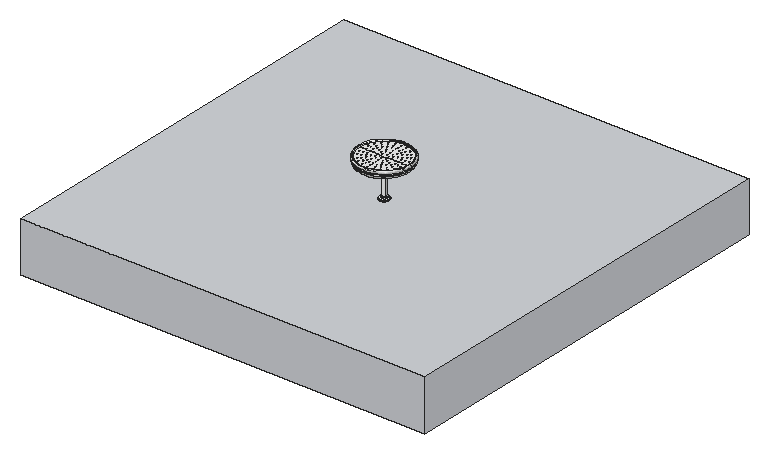
Revit family
Parameters (values of type "Metal-CP-Polished_Chrome")
  Width [instance] = 1' - 0 7/16"
  URL = "http://www.us.kohler.com"
  Showerhead Supply Pipe Radius = 0' 0 1/2"  # 1/2"
  Showerhead Supply Pipe Diameter = Showerhead Supply Pipe Radius * 2  # 1"
  Showerhead Supply = "Showerhead Supply"  # constant formula
  Product Page URL = "http://www.us.kohler.com/onlinecatalog/detail.jsp?prod_num=13694"
  Product Documentation Link = "http://www.us.kohler.com/onlinecatalog/pdf/1142015_4.pdf"
  Model = "K-13694"  # constant formula
  Manufacturer = "Kohler"  # constant formula
  Length [instance] = 0' - 9.21893"
  Height [instance] = 1' - 0 7/16"
  Finish = Metal-Kohler-CP-Polished Chrome
  Description = "12in Traditional round rainhead with Katalyst spray technology"  # constant formula
  Default Elevation = 0' - 0"
  Created By = "http://medialab3dstudio.com"
  Assembly Code = "C1030200"
Reference planes (in)
  plane 1 "Center (Front/Back)": y = 0
  plane 2 "Back": z = 0
  plane 3 "Center (Left/Right)": x = 0
  plane 4 "Left": x = -6.21875
  plane 5 "Right": x = 6.21875
  plane 6 "Top": y = 6.21875
  plane 7 "Bottom": y = -6.21875
  plane 8 "Front": z = 9.21893
  plane 9 "Center(Top/Bottom)": z = 4.60947
Forms (in)
  Extrusion 1, solid
    sketch origin (0, 0, 0) x (1, 0, 0) y (0, 1, 0)
      loop
        line (-48, 48) -> (-48, -48) -> (48, -48) -> (48, 48) -> (-48, 48)
    from 0 to -12
  Extrusion 2, solid, material "Metal-Kohler-CP-Polished Chrome" <- "Finish", not visible
    sketch origin (0, 0, 0) x (1, 0, 0) y (0, 1, 0)
      loop
        circle (0, 0) r 0.5
    from 0 to 0.13239
Dimensions and locks (in)
  equal spacing: plane 4 "Left", plane 3 "Center (Left/Right)", plane 5 "Right", locked at 6.21875 each
  "Width": plane 4 "Left" to plane 5 "Right"
  equal spacing: plane 6 "Top", plane 1 "Center (Front/Back)", plane 7 "Bottom", locked at 6.21875 each
  "Height": plane 6 "Top" to plane 7 "Bottom"
  "Length": plane 8 "Front" to plane 2 "Back"
  equal spacing: plane 8 "Front", plane 9 "Center(Top/Bottom)", plane 2 "Back"
  "Showerhead Supply Pipe Radius": radius of Extrusion 2 sketch curve
  aligned and locked: plane 2 "Back" to Extrusion 1
  aligned and locked: level to Extrusion 1
Automatic sketch dimensions
  Extrusion 1 sketch curve to Extrusion 1 sketch curve = 8' - 0"  (x2)
  plane 1 "Center (Front/Back)" to Extrusion 2 sketch curve = 0' - 0"
  Extrusion 2 sketch curve to plane 3 "Center (Left/Right)" = 0' - 0"
Nested families (in)
  nested 1: "13694-base" at (0, 0, 0), type "13694-base"
Connectors (in)
  piping at (0, 0, 0), driven by "Showerhead Supply Pipe Radius", driven by "Showerhead Supply"
    settings: on Extrusion 2, index 1, connector radius 1/2", flow factor 0, pipe flow 2.5 GPM, pressure drop 0.00 psi, fitting loss kfactor 0, connector angle 0.00°, fixture units 0, flow configuration 0, flow direction 1, fitting loss method 0, system type 7, connector reference index -1, connector utility 0, adjustable connector yes, is connector primary yes, fitting loss table "", connector description "Showerhead Supply"
Definition of nested family "13694-base"
  Parameters (values of type "13694-base")
    w = 1' - 0 7/16"
    l = 1' - 0 7/16"
    d = 15.00°
    Finish = Metal-Kohler-CP-Polished Chrome
    Assembly Code = ""
  Reference planes (in)
    plane 1 "Center (Front/Back)": y = 0
    plane 2 "Top": z = 0
    plane 3 "Center (Left/Right)": x = 0
    plane 4 "Back": y = 6.21875
    plane 5 "Bottom": z = 9.21893
    plane 6 "Front": y = -6.21875
    plane 7 "Left": x = -6.21875
    plane 8 "Right": x = 6.21875
    plane 9 "Center (Top/Bottom)": z = 4.60947
  Forms (in)
    Revolve 1, solid, material "Metal-Kohler-CP-Polished Chrome" <- "Finish", detail levels fine
      sketch origin (0, 0, 0) x (1, 0, 0) y (0, 0, 1)
        loop
          line (0, 0) -> (0, 8.98595) -> (-5.85058, 8.98595) -> (-5.88473, 9.17853)
          arc (-5.88473, 9.17853) -> (-5.912, 9.20803) -> (-5.95066, 9.21893) r 0.074
          line (-5.95066, 9.21893) -> (-6.02892, 9.21893)
          arc (-6.02892, 9.21893) -> (-6.21528, 8.98286) -> (-6.10859, 8.70165) r 0.30508
          line (-6.10859, 8.70165) -> (-6.11067, 8.38226) -> (-6.13129, 8.35798) -> (-6.12321, 8.17266) -> (-6.08485, 8.15638) -> (-6.05154, 8.15638) -> (-6.0425, 8.02528)
          arc (-6.0425, 8.02528) -> (-5.97739, 7.83063) -> (-5.83066, 7.68711) r 0.43745
          line (-5.83066, 7.68711) -> (-1.16718, 6.99244) -> (-0.911, 6.84126) -> (-0.85695, 6.84126) -> (-0.85695, 6.71126) -> (-0.4342, 6.71126)
          arc (-0.4342, 6.71126) -> (-0.3884, 6.64798) -> (-0.33168, 6.59427) r 0.42051
          arc (-0.33168, 6.59427) -> (-0.31105, 6.53447) -> (-0.34737, 6.48267) r 0.06959
          arc (-0.34737, 6.48267) -> (-0.40752, 6.44788) -> (-0.45457, 6.39676) r 0.23054
          line (-0.45457, 6.39676) -> (-0.45457, 6.27111) -> (-0.47404, 5.66968) -> (-0.49391, 5.64514) -> (-0.49452, 5.5478) -> (-0.48212, 5.51857) -> (-0.40625, 5.51857) -> (-0.40625, 0.68857) -> (-0.55463, 0.68857)
          arc (-0.55463, 0.68857) -> (-0.59423, 0.66979) -> (-0.61033, 0.62902) r 0.05969
          line (-0.61033, 0.62902) -> (-0.61033, 0.37506)
          arc (-0.61033, 0.37506) -> (-0.62521, 0.3209) -> (-0.67086, 0.28818) r 0.08414
          line (-0.67086, 0.28818) -> (-1.09221, 0.16628)
          arc (-1.09221, 0.16628) -> (-1.11018, 0.15258) -> (-1.11901, 0.13178) r 0.04413
          line (-1.11901, 0.13178) -> (-1.11901, 0.03783)
          arc (-1.11901, 0.03783) -> (-1.10635, 0.01266) -> (-1.08117, 0) r 0.04486
          line (-1.08117, 0) -> (0, 0)
        axis (0, 9.21893) -> (0, 0)
      angle from 0 to 360
    Extrusion 2, void
      sketch origin (0, 0, 9.21893) x (-1, 0, 0) y (0, -1, 0)
        loop
          circle (0, 0) r 0.5
      from -9.21893 to -9.05265
    Extrusion 3, solid, material "Metal-Kohler-CP-Polished Chrome" <- "Finish", detail levels coarse+medium
      sketch origin (0, 0, 0) x (1, 0, 0) y (0, 1, 0)
        loop
          line (-6.21875, 6.21875) -> (-6.21875, -6.21875) -> (6.21875, -6.21875) -> (6.21875, 6.21875) -> (-6.21875, 6.21875)
      from 0 to 9.21893
    Extrusion 4, void
      sketch origin (0, 0, 0) x (1, 0, 0) y (0, 1, 0)
        loop
          circle (0, -5.10214) r 0.07172
        loop
          circle (0, -4.25171) r 0.07172
        loop
          circle (0, -3.40134) r 0.07172
        loop
          circle (0, -2.55096) r 0.07172
        loop
          circle (0, -1.70035) r 0.07172
        loop
          circle (0, -0.84984) r 0.07172
        loop
          circle (0, 5.10214) r 0.07172
        loop
          circle (0, 4.25171) r 0.07172
        loop
          circle (0, 3.40134) r 0.07172
        loop
          circle (0, 2.55096) r 0.07172
        loop
          circle (0, 1.70035) r 0.07172
        loop
          circle (0, 0.84984) r 0.07172
        loop
          circle (-5.10214, 0) r 0.07172
        loop
          circle (-4.25171, 0) r 0.07172
        loop
          circle (-3.40134, 0) r 0.07172
        loop
          circle (-2.55096, 0) r 0.07172
        loop
          circle (-1.70035, 0) r 0.07172
        loop
          circle (5.10214, 0) r 0.07172
        loop
          circle (4.25171, 0) r 0.07172
        loop
          circle (3.40134, 0) r 0.07172
        loop
          circle (2.55096, 0) r 0.07172
        loop
          circle (1.70035, 0) r 0.07172
        loop
          circle (4.41531, 2.55672) r 0.07172
        loop
          circle (3.67937, 2.13056) r 0.07172
        loop
          circle (2.94347, 1.70443) r 0.07172
        loop
          circle (2.20756, 1.27831) r 0.07172
        loop
          circle (1.47146, 0.85206) r 0.07172
        loop
          circle (0.73544, 0.42586) r 0.07172
        loop
          circle (4.41531, -2.55672) r 0.07172
        loop
          circle (3.67937, -2.13056) r 0.07172
        loop
          circle (2.94347, -1.70443) r 0.07172
        loop
          circle (2.20756, -1.27831) r 0.07172
        loop
          circle (1.47146, -0.85206) r 0.07172
        loop
          circle (0.73544, -0.42586) r 0.07172
        loop
          circle (-4.41531, -2.55672) r 0.07172
        loop
          circle (-3.67937, -2.13056) r 0.07172
        loop
          circle (-2.94347, -1.70443) r 0.07172
        loop
          circle (-2.20756, -1.27831) r 0.07172
        loop
          circle (-1.47146, -0.85206) r 0.07172
        loop
          circle (-0.73544, -0.42586) r 0.07172
        loop
          circle (-4.41531, 2.55672) r 0.07172
        loop
          circle (-3.67937, 2.13056) r 0.07172
        loop
          circle (-2.94347, 1.70443) r 0.07172
        loop
          circle (-2.20756, 1.27831) r 0.07172
        loop
          circle (-1.47146, 0.85206) r 0.07172
        loop
          circle (-0.73544, 0.42586) r 0.07172
        loop
          circle (2.54257, 4.42348) r 0.07172
        loop
          circle (2.11877, 3.68617) r 0.07172
        loop
          circle (1.695, 2.94891) r 0.07172
        loop
          circle (1.27123, 2.21164) r 0.07172
        loop
          circle (0.84734, 1.47418) r 0.07172
        loop
          circle (2.54257, -4.42348) r 0.07172
        loop
          circle (2.11877, -3.68617) r 0.07172
        loop
          circle (1.695, -2.94891) r 0.07172
        loop
          circle (1.27123, -2.21164) r 0.07172
        loop
          circle (0.84734, -1.47418) r 0.07172
        loop
          circle (-2.54257, -4.42348) r 0.07172
        loop
          circle (-2.11877, -3.68617) r 0.07172
        loop
          circle (-1.695, -2.94891) r 0.07172
        loop
          circle (-1.27123, -2.21164) r 0.07172
        loop
          circle (-0.84734, -1.47418) r 0.07172
        loop
          circle (-2.54257, 4.42348) r 0.07172
        loop
          circle (-2.11877, 3.68617) r 0.07172
        loop
          circle (-1.695, 2.94891) r 0.07172
        loop
          circle (-1.27123, 2.21164) r 0.07172
        loop
          circle (-0.84734, 1.47418) r 0.07172
        loop
          circle (1.30931, 4.93128) r 0.07172
        loop
          circle (1.09107, 4.10933) r 0.07172
        loop
          circle (0.87285, 3.28743) r 0.07172
        loop
          circle (-1.30931, 4.93128) r 0.07172
        loop
          circle (-1.09107, 4.10933) r 0.07172
        loop
          circle (-0.87285, 3.28743) r 0.07172
        loop
          circle (-1.30931, -4.93128) r 0.07172
        loop
          circle (-1.09107, -4.10933) r 0.07172
        loop
          circle (-0.87285, -3.28743) r 0.07172
        loop
          circle (1.30931, -4.93128) r 0.07172
        loop
          circle (1.09107, -4.10933) r 0.07172
        loop
          circle (0.87285, -3.28743) r 0.07172
        loop
          circle (-3.59956, -3.61593) r 0.07172
        loop
          circle (-2.99958, -3.01323) r 0.07172
        loop
          circle (-2.39964, -2.41056) r 0.07172
        loop
          circle (-3.59956, 3.61593) r 0.07172
        loop
          circle (-2.99958, 3.01323) r 0.07172
        loop
          circle (-2.39964, 2.41056) r 0.07172
        loop
          circle (3.59956, 3.61593) r 0.07172
        loop
          circle (2.99958, 3.01323) r 0.07172
        loop
          circle (2.39964, 2.41056) r 0.07172
        loop
          circle (3.59956, -3.61593) r 0.07172
        loop
          circle (2.99958, -3.01323) r 0.07172
        loop
          circle (2.39964, -2.41056) r 0.07172
        loop
          circle (-4.92827, -1.32057) r 0.07172
        loop
          circle (-4.10683, -1.10046) r 0.07172
        loop
          circle (-3.28543, -0.88036) r 0.07172
        loop
          circle (-4.92827, 1.32057) r 0.07172
        loop
          circle (-4.10683, 1.10046) r 0.07172
        loop
          circle (-3.28543, 0.88036) r 0.07172
        loop
          circle (4.92827, 1.32057) r 0.07172
        loop
          circle (4.10683, 1.10046) r 0.07172
        loop
          circle (3.28543, 0.88036) r 0.07172
        loop
          circle (4.92827, -1.32057) r 0.07172
        loop
          circle (4.10683, -1.10046) r 0.07172
        loop
          circle (3.28543, -0.88036) r 0.07172
      from 8.70165 to 9.21893
  Cuts and joins
    Extrusion 2, Extrusion 4 cuts Revolve 1
  Lines and regions (in)
    Masking region 1, detail levels coarse
      outline origin (0, 0, 0) x (1, 0, 0) y (0, 1, 0)
        loop
          line (-6.21875, 6.21875) -> (-6.21875, -6.21875) -> (6.21875, -6.21875) -> (6.21875, 6.21875) -> (-6.21875, 6.21875)
    Masking region 2, detail levels medium+fine
      outline origin (0, 0, 0) x (1, 0, 0) y (0, 0, 1)
        loop
          line (0, 0) -> (1.08117, 0)
          arc (1.08117, 0) -> (1.10793, 0.01108) -> (1.11901, 0.03783) r 0.03783
          line (1.11901, 0.03783) -> (1.11901, 0.13289)
          arc (1.11901, 0.13289) -> (1.11148, 0.15429) -> (1.09221, 0.16628) r 0.0342
          line (1.09221, 0.16628) -> (0.67096, 0.28819)
          arc (0.67096, 0.28819) -> (0.62528, 0.3209) -> (0.61033, 0.37506) r 0.08426
          line (0.61033, 0.37506) -> (0.61033, 0.62854)
          arc (0.61033, 0.62854) -> (0.59426, 0.66949) -> (0.55463, 0.68857) r 0.06019
          line (0.55463, 0.68857) -> (0.40625, 0.68857) -> (0.40625, 5.51857) -> (0.48212, 5.51857) -> (0.49452, 5.5478) -> (0.49391, 5.64514) -> (0.47404, 5.66968) -> (0.45457, 6.27111) -> (0.45457, 6.39676)
          arc (0.45457, 6.39676) -> (0.40711, 6.44738) -> (0.34737, 6.48267) r 0.24513
          arc (0.34737, 6.48267) -> (0.31106, 6.53447) -> (0.33168, 6.59427) r 0.0696
          arc (0.33168, 6.59427) -> (0.38863, 6.64778) -> (0.4342, 6.71126) r 0.40385
          line (0.4342, 6.71126) -> (0.85695, 6.71126) -> (0.85695, 6.84126) -> (0.911, 6.84126) -> (1.16718, 6.99244) -> (5.83066, 7.68711)
          arc (5.83066, 7.68711) -> (5.97697, 7.83089) -> (6.0425, 8.02528) r 0.44144
          line (6.0425, 8.02528) -> (6.05154, 8.15638) -> (6.08485, 8.15638) -> (6.12321, 8.17266) -> (6.13129, 8.35798) -> (6.11067, 8.38226) -> (6.10859, 8.70165)
          arc (6.10859, 8.70165) -> (6.21648, 8.98304) -> (6.02892, 9.21893) r 0.30382
          line (6.02892, 9.21893) -> (0, 9.21893) -> (-6.02892, 9.21893)
          arc (-6.02892, 9.21893) -> (-6.21648, 8.98304) -> (-6.10859, 8.70165) r 0.30382
          line (-6.10859, 8.70165) -> (-6.11067, 8.38226) -> (-6.13129, 8.35798) -> (-6.12321, 8.17266) -> (-6.08485, 8.15638) -> (-6.05154, 8.15638) -> (-6.0425, 8.02528)
          arc (-6.0425, 8.02528) -> (-5.97697, 7.83089) -> (-5.83066, 7.68711) r 0.44144
          line (-5.83066, 7.68711) -> (-1.16718, 6.99244) -> (-0.911, 6.84126) -> (-0.85695, 6.84126) -> (-0.85695, 6.71126) -> (-0.4342, 6.71126)
          arc (-0.4342, 6.71126) -> (-0.38863, 6.64778) -> (-0.33168, 6.59427) r 0.40385
          arc (-0.33168, 6.59427) -> (-0.31106, 6.53447) -> (-0.34737, 6.48267) r 0.0696
          arc (-0.34737, 6.48267) -> (-0.40711, 6.44738) -> (-0.45457, 6.39676) r 0.24513
          line (-0.45457, 6.39676) -> (-0.45457, 6.27111) -> (-0.47404, 5.66968) -> (-0.49391, 5.64514) -> (-0.49452, 5.5478) -> (-0.48212, 5.51857) -> (-0.40625, 5.51857) -> (-0.40625, 0.68857) -> (-0.55463, 0.68857)
          arc (-0.55463, 0.68857) -> (-0.59426, 0.66949) -> (-0.61033, 0.62854) r 0.06019
          line (-0.61033, 0.62854) -> (-0.61033, 0.37506)
          arc (-0.61033, 0.37506) -> (-0.62528, 0.3209) -> (-0.67096, 0.28819) r 0.08426
          line (-0.67096, 0.28819) -> (-1.09221, 0.16628)
          arc (-1.09221, 0.16628) -> (-1.11148, 0.15429) -> (-1.11901, 0.13289) r 0.0342
          line (-1.11901, 0.13289) -> (-1.11901, 0.03783)
          arc (-1.11901, 0.03783) -> (-1.10793, 0.01108) -> (-1.08117, 0) r 0.03783
          line (-1.08117, 0) -> (0, 0)
    Masking region 3, detail levels medium+fine
      outline origin (0, 0, 0) x (0, 1, 0) y (0, 0, 1)
        loop
          line (0, 0) -> (1.08131, 0)
          arc (1.08131, 0) -> (1.10781, 0.01097) -> (1.11878, 0.03747) r 0.03747
          line (1.11878, 0.03747) -> (1.11878, 0.13251)
          arc (1.11878, 0.13251) -> (1.11141, 0.15391) -> (1.09244, 0.16623) r 0.03475
          line (1.09244, 0.16623) -> (0.67064, 0.28817)
          arc (0.67064, 0.28817) -> (0.62505, 0.3209) -> (0.61033, 0.37506) r 0.08383
          line (0.61033, 0.37506) -> (0.61033, 0.6313)
          arc (0.61033, 0.6313) -> (0.59355, 0.6718) -> (0.55305, 0.68857) r 0.05728
          line (0.55305, 0.68857) -> (0.40615, 0.68857) -> (0.40615, 5.51857) -> (0.48212, 5.51857) -> (0.49452, 5.5478) -> (0.49452, 5.64514) -> (0.47404, 5.66968) -> (0.45299, 6.27231) -> (0.45299, 6.39594)
          arc (0.45299, 6.39594) -> (0.40644, 6.44723) -> (0.34784, 6.48417) r 0.25626
          arc (0.34784, 6.48417) -> (0.30975, 6.53609) -> (0.33415, 6.59569) r 0.06586
          arc (0.33415, 6.59569) -> (0.38755, 6.64839) -> (0.42848, 6.71126) r 0.34975
          line (0.42848, 6.71126) -> (0.85699, 6.71126) -> (0.85699, 6.84126) -> (0.911, 6.84126) -> (1.16712, 6.9924) -> (5.83069, 7.68707)
          arc (5.83069, 7.68707) -> (5.97761, 7.83075) -> (6.04234, 8.02578) r 0.43573
          line (6.04234, 8.02578) -> (6.05147, 8.15638) -> (6.0847, 8.15638) -> (6.12316, 8.1727) -> (6.13129, 8.35798) -> (6.11057, 8.38218) -> (6.10866, 8.70167)
          arc (6.10866, 8.70167) -> (6.21588, 8.98377) -> (6.02673, 9.21893) r 0.30353
          line (6.02673, 9.21893) -> (0, 9.21893) -> (-6.02673, 9.21893)
          arc (-6.02673, 9.21893) -> (-6.21588, 8.98377) -> (-6.10866, 8.70167) r 0.30353
          line (-6.10866, 8.70167) -> (-6.11057, 8.38218) -> (-6.13129, 8.35798) -> (-6.12316, 8.1727) -> (-6.0847, 8.15638) -> (-6.05147, 8.15638) -> (-6.04234, 8.02578)
          arc (-6.04234, 8.02578) -> (-5.97761, 7.83075) -> (-5.83069, 7.68707) r 0.43573
          line (-5.83069, 7.68707) -> (-1.16712, 6.9924) -> (-0.911, 6.84126) -> (-0.85699, 6.84126) -> (-0.85699, 6.71126) -> (-0.42848, 6.71126)
          arc (-0.42848, 6.71126) -> (-0.38755, 6.64839) -> (-0.33415, 6.59569) r 0.34975
          arc (-0.33415, 6.59569) -> (-0.30975, 6.53609) -> (-0.34784, 6.48417) r 0.06586
          arc (-0.34784, 6.48417) -> (-0.40644, 6.44723) -> (-0.45299, 6.39594) r 0.25626
          line (-0.45299, 6.39594) -> (-0.45299, 6.27231) -> (-0.47404, 5.66968) -> (-0.49452, 5.64514) -> (-0.49452, 5.5478) -> (-0.48212, 5.51857) -> (-0.40615, 5.51857) -> (-0.40615, 0.68857) -> (-0.55305, 0.68857)
          arc (-0.55305, 0.68857) -> (-0.59355, 0.6718) -> (-0.61033, 0.6313) r 0.05728
          line (-0.61033, 0.6313) -> (-0.61033, 0.37506)
          arc (-0.61033, 0.37506) -> (-0.62505, 0.3209) -> (-0.67064, 0.28817) r 0.08383
          line (-0.67064, 0.28817) -> (-1.09244, 0.16623)
          arc (-1.09244, 0.16623) -> (-1.11141, 0.15391) -> (-1.11878, 0.13251) r 0.03475
          line (-1.11878, 0.13251) -> (-1.11878, 0.03747)
          arc (-1.11878, 0.03747) -> (-1.10781, 0.01097) -> (-1.08131, 0) r 0.03747
          line (-1.08131, 0) -> (0, 0)
    Masking region 4, detail levels coarse
      outline origin (0, 0, 0) x (1, 0, 0) y (0, 0, 1)
        loop
          line (-6.21875, 9.21893) -> (-6.21875, 0) -> (6.21875, 0) -> (6.21875, 9.21893) -> (-6.21875, 9.21893)
    Masking region 5, detail levels coarse
      outline origin (0, 0, 0) x (0, 1, 0) y (0, 0, 1)
        loop
          line (6.21875, 9.21893) -> (-6.21875, 9.21893) -> (-6.21875, 0) -> (6.21875, 0) -> (6.21875, 9.21893)
    Masking region 6, detail levels medium+fine
      outline origin (0, 0, 4.60947) x (-1, 0, 0) y (0, -1, 0)
        loop
          circle (0, 0) r 6.21875
    Masking region 7
      outline origin (0, 0, 0) x (1, 0, 0) y (0, 1, 0)
        loop
          circle (0, 0) r 1.16718
    symbolic lines, style "Masking Lines", detail levels fine
      curve 1: line (-1.11901, 0, 0.03783) -> (1.11901, 0, 0.03783)
      curve 2: line (1.09221, 0, 0.16628) -> (-1.09221, 0, 0.16628)
      curve 3: line (-0.61033, 0, 0.37506) -> (0.61033, 0, 0.37506)
      curve 4: line (-0.40625, 0, 0.68857) -> (0.40625, 0, 0.68857)
      curve 5: line (-0.40625, 0, 5.51857) -> (0.40625, 0, 5.51857)
      curve 6: line (-0.49452, 0, 5.5478) -> (0.49452, 0, 5.5478)
      curve 7: line (0.49391, 0, 5.64514) -> (-0.49391, 0, 5.64514)
      curve 8: line (0.47404, 0, 5.66968) -> (-0.47404, 0, 5.66968)
      curve 9: line (0.45457, 0, 6.27111) -> (-0.45457, 0, 6.27111)
      curve 10: line (0.45457, 0, 6.39676) -> (-0.45457, 0, 6.39676)
      curve 11: line (0.34737, 0, 6.48267) -> (-0.34737, 0, 6.48267)
      curve 12: line (0.33168, 0, 6.59427) -> (-0.33168, 0, 6.59427)
      curve 13: line (-0.85695, 0, 6.71126) -> (0.85695, 0, 6.71126)
      curve 14: line (-0.911, 0, 6.84126) -> (0.911, 0, 6.84126)
      curve 15: line (1.16718, 0, 6.99244) -> (-1.16718, 0, 6.99244)
      curve 16: line (5.83066, 0, 7.68711) -> (-5.83066, 0, 7.68711)
      curve 17: line (6.0425, 0, 8.02528) -> (-6.0425, 0, 8.02528)
      curve 18: line (-6.05154, 0, 8.15638) -> (6.05154, 0, 8.15638)
      curve 19: line (6.12321, 0, 8.17266) -> (-6.12321, 0, 8.17266)
      curve 20: line (6.13129, 0, 8.35798) -> (-6.13129, 0, 8.35798)
      curve 21: line (6.11067, 0, 8.38226) -> (-6.11067, 0, 8.38226)
      curve 22: line (6.10859, 0, 8.70165) -> (-6.10859, 0, 8.70165)
      curve 23: line (0, 1.11878, 0.03747) -> (0, -1.11878, 0.03747)
      curve 24: line (0, -1.11878, 0.13251) -> (0, 1.11878, 0.13251)
      curve 25: line (0, 1.09244, 0.16623) -> (0, -1.09244, 0.16623)
      curve 26: line (0, -0.61033, 0.37506) -> (0, 0.61033, 0.37506)
      curve 27: line (0, 0.40615, 0.68857) -> (0, -0.40615, 0.68857)
      curve 28: line (0, 0.40615, 5.51857) -> (0, -0.40615, 5.51857)
      curve 29: line (0, -0.49452, 5.5478) -> (0, 0.49452, 5.5478)
      curve 30: line (0, 0.49452, 5.64514) -> (0, -0.49452, 5.64514)
      curve 31: line (0, -0.47404, 5.66968) -> (0, 0.47404, 5.66968)
      curve 32: line (0, 0.45299, 6.39594) -> (0, -0.45299, 6.39594)
      curve 33: line (0, 0.34784, 6.48417) -> (0, -0.34784, 6.48417)
      curve 34: line (0, 0.33415, 6.59569) -> (0, -0.33415, 6.59569)
      curve 35: line (0, -0.42848, 6.71126) -> (0, 0.42848, 6.71126)
      curve 36: line (0, 0.85699, 6.84126) -> (0, -0.85699, 6.84126)
      curve 37: line (0, 1.16712, 6.9924) -> (0, -1.16712, 6.9924)
      curve 38: line (0, 6.05147, 8.15638) -> (0, -6.05147, 8.15638)
      curve 39: line (0, -6.04234, 8.02578) -> (0, 6.04234, 8.02578)
      curve 40: line (0, 5.83069, 7.68707) -> (0, -5.83069, 7.68707)
      curve 41: line (0, -6.12316, 8.1727) -> (0, 6.12316, 8.1727)
      curve 42: line (0, 6.13129, 8.35798) -> (0, -6.13129, 8.35798)
      curve 43: line (0, -6.11057, 8.38218) -> (0, 6.10406, 8.38218)
      curve 44: line (0, 6.10866, 8.70167) -> (0, -6.10866, 8.70167)
      curve 45: arc (-0.07172, 5.10214, 9.21893) -> (0, 5.17386, 9.21893) -> (0.07172, 5.10214, 9.21893) r 0.07172
      curve 46: arc (0.07172, 5.10214, 9.21893) -> (0, 5.03041, 9.21893) -> (-0.07172, 5.10214, 9.21893) r 0.07172
      curve 47: arc (0.07172, 4.25171, 9.21893) -> (0, 4.17999, 9.21893) -> (-0.07172, 4.25171, 9.21893) r 0.07172
      curve 48: arc (-0.07172, 4.25171, 9.21893) -> (0, 4.32343, 9.21893) -> (0.07172, 4.25171, 9.21893) r 0.07172
      curve 49: arc (-0.07172, 3.40134, 9.21893) -> (0, 3.47306, 9.21893) -> (0.07172, 3.40134, 9.21893) r 0.07172
      curve 50: arc (0.07172, 3.40134, 9.21893) -> (0, 3.32961, 9.21893) -> (-0.07172, 3.40134, 9.21893) r 0.07172
      curve 51: arc (-0.07172, 2.55096, 9.21893) -> (0, 2.62269, 9.21893) -> (0.07172, 2.55096, 9.21893) r 0.07172
      curve 52: arc (0.07172, 2.55096, 9.21893) -> (0, 2.47924, 9.21893) -> (-0.07172, 2.55096, 9.21893) r 0.07172
      curve 53: arc (-0.07172, 1.70035, 9.21893) -> (0, 1.77207, 9.21893) -> (0.07172, 1.70035, 9.21893) r 0.07172
      curve 54: arc (0.07172, 1.70035, 9.21893) -> (0, 1.62862, 9.21893) -> (-0.07172, 1.70035, 9.21893) r 0.07172
      curve 55: arc (-0.07172, 0.84984, 9.21893) -> (0, 0.92157, 9.21893) -> (0.07172, 0.84984, 9.21893) r 0.07172
      curve 56: arc (0.07172, 0.84984, 9.21893) -> (0, 0.77812, 9.21893) -> (-0.07172, 0.84984, 9.21893) r 0.07172
      curve 57: arc (0.94457, 3.28743, 9.21893) -> (0.87285, 3.21571, 9.21893) -> (0.80112, 3.28743, 9.21893) r 0.07172
      curve 58: arc (0.80112, 3.28743, 9.21893) -> (0.87285, 3.35916, 9.21893) -> (0.94457, 3.28743, 9.21893) r 0.07172
      curve 59: arc (1.1628, 4.10933, 9.21893) -> (1.09107, 4.03761, 9.21893) -> (1.01935, 4.10933, 9.21893) r 0.07172
      curve 60: arc (1.01935, 4.10933, 9.21893) -> (1.09107, 4.18106, 9.21893) -> (1.1628, 4.10933, 9.21893) r 0.07172
      curve 61: arc (1.38103, 4.93128, 9.21893) -> (1.30931, 4.85955, 9.21893) -> (1.23758, 4.93128, 9.21893) r 0.07172
      curve 62: arc (1.23758, 4.93128, 9.21893) -> (1.30931, 5.003, 9.21893) -> (1.38103, 4.93128, 9.21893) r 0.07172
      curve 63: arc (2.61429, 4.42348, 9.21893) -> (2.54257, 4.35175, 9.21893) -> (2.47084, 4.42348, 9.21893) r 0.07172
      curve 64: arc (2.47084, 4.42348, 9.21893) -> (2.54257, 4.4952, 9.21893) -> (2.61429, 4.42348, 9.21893) r 0.07172
      curve 65: arc (2.1905, 3.68617, 9.21893) -> (2.11877, 3.61444, 9.21893) -> (2.04705, 3.68617, 9.21893) r 0.07172
      curve 66: arc (2.04705, 3.68617, 9.21893) -> (2.11877, 3.75789, 9.21893) -> (2.1905, 3.68617, 9.21893) r 0.07172
      curve 67: arc (1.76673, 2.94891, 9.21893) -> (1.695, 2.87718, 9.21893) -> (1.62328, 2.94891, 9.21893) r 0.07172
      curve 68: arc (1.62328, 2.94891, 9.21893) -> (1.695, 3.02063, 9.21893) -> (1.76673, 2.94891, 9.21893) r 0.07172
      curve 69: arc (1.19951, 2.21164, 9.21893) -> (1.27123, 2.13992, 9.21893) -> (1.34296, 2.21164, 9.21893) r 0.07172
      curve 70: arc (1.34296, 2.21164, 9.21893) -> (1.27123, 2.28337, 9.21893) -> (1.19951, 2.21164, 9.21893) r 0.07172
      curve 71: arc (0.91907, 1.47418, 9.21893) -> (0.84734, 1.40245, 9.21893) -> (0.77562, 1.47418, 9.21893) r 0.07172
      curve 72: arc (0.91907, 1.47418, 9.21893) -> (0.84734, 1.5459, 9.21893) -> (0.77562, 1.47418, 9.21893) r 0.07172
      curve 73: arc (2.47137, 2.41056, 9.21893) -> (2.39964, 2.33884, 9.21893) -> (2.32792, 2.41056, 9.21893) r 0.07172
      curve 74: arc (2.32792, 2.41056, 9.21893) -> (2.39964, 2.48228, 9.21893) -> (2.47137, 2.41056, 9.21893) r 0.07172
      curve 75: arc (3.07131, 3.01323, 9.21893) -> (2.99958, 2.94151, 9.21893) -> (2.92786, 3.01323, 9.21893) r 0.07172
      curve 76: arc (2.92786, 3.01323, 9.21893) -> (2.99958, 3.08495, 9.21893) -> (3.07131, 3.01323, 9.21893) r 0.07172
      curve 77: arc (3.67128, 3.61593, 9.21893) -> (3.59956, 3.54421, 9.21893) -> (3.52783, 3.61593, 9.21893) r 0.07172
      curve 78: arc (3.52783, 3.61593, 9.21893) -> (3.59956, 3.68766, 9.21893) -> (3.67128, 3.61593, 9.21893) r 0.07172
      curve 79: arc (4.48704, 2.55672, 9.21893) -> (4.41531, 2.48499, 9.21893) -> (4.34359, 2.55672, 9.21893) r 0.07172
      curve 80: arc (4.34359, 2.55672, 9.21893) -> (4.41531, 2.62844, 9.21893) -> (4.48704, 2.55672, 9.21893) r 0.07172
      curve 81: arc (3.75109, 2.13056, 9.21893) -> (3.67937, 2.05884, 9.21893) -> (3.60764, 2.13056, 9.21893) r 0.07172
      curve 82: arc (3.60764, 2.13056, 9.21893) -> (3.67937, 2.20229, 9.21893) -> (3.75109, 2.13056, 9.21893) r 0.07172
      curve 83: arc (3.01519, 1.70443, 9.21893) -> (2.94347, 1.63271, 9.21893) -> (2.87174, 1.70443, 9.21893) r 0.07172
      curve 84: arc (2.87174, 1.70443, 9.21893) -> (2.94347, 1.77616, 9.21893) -> (3.01519, 1.70443, 9.21893) r 0.07172
      curve 85: arc (2.27929, 1.27831, 9.21893) -> (2.20756, 1.20658, 9.21893) -> (2.13584, 1.27831, 9.21893) r 0.07172
      curve 86: arc (2.13584, 1.27831, 9.21893) -> (2.20756, 1.35003, 9.21893) -> (2.27929, 1.27831, 9.21893) r 0.07172
      curve 87: arc (1.54318, 0.85206, 9.21893) -> (1.47146, 0.78033, 9.21893) -> (1.39973, 0.85206, 9.21893) r 0.07172
      curve 88: arc (1.39973, 0.85206, 9.21893) -> (1.47146, 0.92378, 9.21893) -> (1.54318, 0.85206, 9.21893) r 0.07172
      curve 89: arc (0.66372, 0.42586, 9.21893) -> (0.73544, 0.35414, 9.21893) -> (0.80716, 0.42586, 9.21893) r 0.07172
      curve 90: arc (0.80716, 0.42586, 9.21893) -> (0.73544, 0.49759, 9.21893) -> (0.66372, 0.42586, 9.21893) r 0.07172
      curve 91: arc (1.62862, 0, 9.21893) -> (1.70035, -0.07172, 9.21893) -> (1.77207, 0, 9.21893) r 0.07172
      curve 92: arc (1.77207, 0, 9.21893) -> (1.70035, 0.07172, 9.21893) -> (1.62862, 0, 9.21893) r 0.07172
      curve 93: arc (2.62269, 0, 9.21893) -> (2.55096, 0.07172, 9.21893) -> (2.47924, 0, 9.21893) r 0.07172
      curve 94: arc (2.47924, 0, 9.21893) -> (2.55096, -0.07172, 9.21893) -> (2.62269, 0, 9.21893) r 0.07172
      curve 95: arc (3.47306, 0, 9.21893) -> (3.40134, 0.07172, 9.21893) -> (3.32961, 0, 9.21893) r 0.07172
      curve 96: arc (3.32961, 0, 9.21893) -> (3.40134, -0.07172, 9.21893) -> (3.47306, 0, 9.21893) r 0.07172
      curve 97: arc (4.32343, 0, 9.21893) -> (4.25171, 0.07172, 9.21893) -> (4.17999, 0, 9.21893) r 0.07172
      curve 98: arc (4.17999, 0, 9.21893) -> (4.25171, -0.07172, 9.21893) -> (4.32343, 0, 9.21893) r 0.07172
      curve 99: arc (5.17386, 0, 9.21893) -> (5.10214, 0.07172, 9.21893) -> (5.03041, 0, 9.21893) r 0.07172
      curve 100: arc (5.03041, 0, 9.21893) -> (5.10214, -0.07172, 9.21893) -> (5.17386, 0, 9.21893) r 0.07172
      curve 101: arc (3.35715, 0.88036, 9.21893) -> (3.28543, 0.80863, 9.21893) -> (3.21371, 0.88036, 9.21893) r 0.07172
      curve 102: arc (3.21371, 0.88036, 9.21893) -> (3.28543, 0.95208, 9.21893) -> (3.35715, 0.88036, 9.21893) r 0.07172
      curve 103: arc (4.17855, 1.10046, 9.21893) -> (4.10683, 1.02873, 9.21893) -> (4.0351, 1.10046, 9.21893) r 0.07172
      curve 104: arc (4.0351, 1.10046, 9.21893) -> (4.10683, 1.17218, 9.21893) -> (4.17855, 1.10046, 9.21893) r 0.07172
      curve 105: arc (5, 1.32057, 9.21893) -> (4.92827, 1.24885, 9.21893) -> (4.85655, 1.32057, 9.21893) r 0.07172
      curve 106: arc (4.85655, 1.32057, 9.21893) -> (4.92827, 1.3923, 9.21893) -> (5, 1.32057, 9.21893) r 0.07172
      curve 107: arc (5, -1.32057, 9.21893) -> (4.92827, -1.3923, 9.21893) -> (4.85655, -1.32057, 9.21893) r 0.07172
      curve 108: arc (4.85655, -1.32057, 9.21893) -> (4.92827, -1.24885, 9.21893) -> (5, -1.32057, 9.21893) r 0.07172
      curve 109: arc (4.17855, -1.10046, 9.21893) -> (4.10683, -1.17218, 9.21893) -> (4.0351, -1.10046, 9.21893) r 0.07172
      curve 110: arc (4.0351, -1.10046, 9.21893) -> (4.10683, -1.02873, 9.21893) -> (4.17855, -1.10046, 9.21893) r 0.07172
      curve 111: arc (3.35715, -0.88036, 9.21893) -> (3.28543, -0.95208, 9.21893) -> (3.21371, -0.88036, 9.21893) r 0.07172
      curve 112: arc (3.21371, -0.88036, 9.21893) -> (3.28543, -0.80863, 9.21893) -> (3.35715, -0.88036, 9.21893) r 0.07172
      curve 113: arc (4.48704, -2.55672, 9.21893) -> (4.41531, -2.62844, 9.21893) -> (4.34359, -2.55672, 9.21893) r 0.07172
      curve 114: arc (4.34359, -2.55672, 9.21893) -> (4.41531, -2.48499, 9.21893) -> (4.48704, -2.55672, 9.21893) r 0.07172
      curve 115: arc (3.75109, -2.13056, 9.21893) -> (3.67937, -2.20229, 9.21893) -> (3.60764, -2.13056, 9.21893) r 0.07172
      curve 116: arc (3.60764, -2.13056, 9.21893) -> (3.67937, -2.05884, 9.21893) -> (3.75109, -2.13056, 9.21893) r 0.07172
      curve 117: arc (3.01519, -1.70443, 9.21893) -> (2.94347, -1.77616, 9.21893) -> (2.87174, -1.70443, 9.21893) r 0.07172
      curve 118: arc (2.87174, -1.70443, 9.21893) -> (2.94347, -1.63271, 9.21893) -> (3.01519, -1.70443, 9.21893) r 0.07172
      curve 119: arc (2.27929, -1.27831, 9.21893) -> (2.20756, -1.35003, 9.21893) -> (2.13584, -1.27831, 9.21893) r 0.07172
      curve 120: arc (2.13584, -1.27831, 9.21893) -> (2.20756, -1.20658, 9.21893) -> (2.27929, -1.27831, 9.21893) r 0.07172
      curve 121: arc (1.54318, -0.85206, 9.21893) -> (1.47146, -0.92378, 9.21893) -> (1.39973, -0.85206, 9.21893) r 0.07172
      curve 122: arc (1.39973, -0.85206, 9.21893) -> (1.47146, -0.78033, 9.21893) -> (1.54318, -0.85206, 9.21893) r 0.07172
      curve 123: arc (0.80716, -0.42586, 9.21893) -> (0.73544, -0.49759, 9.21893) -> (0.66372, -0.42586, 9.21893) r 0.07172
      curve 124: arc (0.66372, -0.42586, 9.21893) -> (0.73544, -0.35414, 9.21893) -> (0.80716, -0.42586, 9.21893) r 0.07172
      curve 125: arc (0.91907, -1.47418, 9.21893) -> (0.84734, -1.5459, 9.21893) -> (0.77562, -1.47418, 9.21893) r 0.07172
      curve 126: arc (0.77562, -1.47418, 9.21893) -> (0.84734, -1.40245, 9.21893) -> (0.91907, -1.47418, 9.21893) r 0.07172
      curve 127: arc (1.34296, -2.21164, 9.21893) -> (1.27123, -2.28337, 9.21893) -> (1.19951, -2.21164, 9.21893) r 0.07172
      curve 128: arc (1.19951, -2.21164, 9.21893) -> (1.27123, -2.13992, 9.21893) -> (1.34296, -2.21164, 9.21893) r 0.07172
      curve 129: arc (1.76673, -2.94891, 9.21893) -> (1.695, -3.02063, 9.21893) -> (1.62328, -2.94891, 9.21893) r 0.07172
      curve 130: arc (1.62328, -2.94891, 9.21893) -> (1.695, -2.87718, 9.21893) -> (1.76673, -2.94891, 9.21893) r 0.07172
      curve 131: arc (2.1905, -3.68617, 9.21893) -> (2.11877, -3.75789, 9.21893) -> (2.04705, -3.68617, 9.21893) r 0.07172
      curve 132: arc (2.04705, -3.68617, 9.21893) -> (2.11877, -3.61444, 9.21893) -> (2.1905, -3.68617, 9.21893) r 0.07172
      curve 133: arc (2.61429, -4.42348, 9.21893) -> (2.54257, -4.4952, 9.21893) -> (2.47084, -4.42348, 9.21893) r 0.07172
      curve 134: arc (2.47084, -4.42348, 9.21893) -> (2.54257, -4.35175, 9.21893) -> (2.61429, -4.42348, 9.21893) r 0.07172
      curve 135: arc (3.67128, -3.61593, 9.21893) -> (3.59956, -3.68766, 9.21893) -> (3.52783, -3.61593, 9.21893) r 0.07172
      curve 136: arc (3.52783, -3.61593, 9.21893) -> (3.59956, -3.54421, 9.21893) -> (3.67128, -3.61593, 9.21893) r 0.07172
      curve 137: arc (3.07131, -3.01323, 9.21893) -> (2.99958, -3.08495, 9.21893) -> (2.92786, -3.01323, 9.21893) r 0.07172
      curve 138: arc (2.92786, -3.01323, 9.21893) -> (2.99958, -2.94151, 9.21893) -> (3.07131, -3.01323, 9.21893) r 0.07172
      curve 139: arc (2.47137, -2.41056, 9.21893) -> (2.39964, -2.48228, 9.21893) -> (2.32792, -2.41056, 9.21893) r 0.07172
      curve 140: arc (2.32792, -2.41056, 9.21893) -> (2.39964, -2.33884, 9.21893) -> (2.47137, -2.41056, 9.21893) r 0.07172
      curve 141: arc (0.94457, -3.28743, 9.21893) -> (0.87285, -3.35916, 9.21893) -> (0.80112, -3.28743, 9.21893) r 0.07172
      curve 142: arc (0.80112, -3.28743, 9.21893) -> (0.87285, -3.21571, 9.21893) -> (0.94457, -3.28743, 9.21893) r 0.07172
      curve 143: arc (1.1628, -4.10933, 9.21893) -> (1.09107, -4.18106, 9.21893) -> (1.01935, -4.10933, 9.21893) r 0.07172
      curve 144: arc (1.01935, -4.10933, 9.21893) -> (1.09107, -4.03761, 9.21893) -> (1.1628, -4.10933, 9.21893) r 0.07172
      curve 145: arc (1.38103, -4.93128, 9.21893) -> (1.30931, -5.003, 9.21893) -> (1.23758, -4.93128, 9.21893) r 0.07172
      curve 146: arc (1.23758, -4.93128, 9.21893) -> (1.30931, -4.85955, 9.21893) -> (1.38103, -4.93128, 9.21893) r 0.07172
      curve 147: arc (-0.07172, -5.10214, 9.21893) -> (0, -5.17386, 9.21893) -> (0.07172, -5.10214, 9.21893) r 0.07172
      curve 148: arc (0.07172, -5.10214, 9.21893) -> (0, -5.03041, 9.21893) -> (-0.07172, -5.10214, 9.21893) r 0.07172
      curve 149: arc (0.07172, -4.25171, 9.21893) -> (0, -4.32343, 9.21893) -> (-0.07172, -4.25171, 9.21893) r 0.07172
      curve 150: arc (-0.07172, -4.25171, 9.21893) -> (0, -4.17999, 9.21893) -> (0.07172, -4.25171, 9.21893) r 0.07172
      curve 151: arc (0.07172, -3.40134, 9.21893) -> (0, -3.47306, 9.21893) -> (-0.07172, -3.40134, 9.21893) r 0.07172
      curve 152: arc (-0.07172, -3.40134, 9.21893) -> (0, -3.32961, 9.21893) -> (0.07172, -3.40134, 9.21893) r 0.07172
      curve 153: arc (0.07172, -2.55096, 9.21893) -> (0, -2.62269, 9.21893) -> (-0.07172, -2.55096, 9.21893) r 0.07172
      curve 154: arc (-0.07172, -2.55096, 9.21893) -> (0, -2.47924, 9.21893) -> (0.07172, -2.55096, 9.21893) r 0.07172
      curve 155: arc (0.07172, -1.70035, 9.21893) -> (0, -1.77207, 9.21893) -> (-0.07172, -1.70035, 9.21893) r 0.07172
      curve 156: arc (-0.07172, -1.70035, 9.21893) -> (0, -1.62862, 9.21893) -> (0.07172, -1.70035, 9.21893) r 0.07172
      curve 157: arc (0.07172, -0.84984, 9.21893) -> (0, -0.92157, 9.21893) -> (-0.07172, -0.84984, 9.21893) r 0.07172
      curve 158: arc (-0.07172, -0.84984, 9.21893) -> (0, -0.77812, 9.21893) -> (0.07172, -0.84984, 9.21893) r 0.07172
      curve 159: arc (-0.77562, -1.47418, 9.21893) -> (-0.84734, -1.5459, 9.21893) -> (-0.91907, -1.47418, 9.21893) r 0.07172
      curve 160: arc (-0.91907, -1.47418, 9.21893) -> (-0.84734, -1.40245, 9.21893) -> (-0.77562, -1.47418, 9.21893) r 0.07172
      curve 161: arc (-1.19951, -2.21164, 9.21893) -> (-1.27123, -2.28337, 9.21893) -> (-1.34296, -2.21164, 9.21893) r 0.07172
      curve 162: arc (-1.34296, -2.21164, 9.21893) -> (-1.27123, -2.13992, 9.21893) -> (-1.19951, -2.21164, 9.21893) r 0.07172
      curve 163: arc (-0.80112, -3.28743, 9.21893) -> (-0.87285, -3.35916, 9.21893) -> (-0.94457, -3.28743, 9.21893) r 0.07172
      curve 164: arc (-0.94457, -3.28743, 9.21893) -> (-0.87285, -3.21571, 9.21893) -> (-0.80112, -3.28743, 9.21893) r 0.07172
      curve 165: arc (-1.01935, -4.10933, 9.21893) -> (-1.09107, -4.18106, 9.21893) -> (-1.1628, -4.10933, 9.21893) r 0.07172
      curve 166: arc (-1.1628, -4.10933, 9.21893) -> (-1.09107, -4.03761, 9.21893) -> (-1.01935, -4.10933, 9.21893) r 0.07172
      curve 167: arc (-1.23758, -4.93128, 9.21893) -> (-1.30931, -5.003, 9.21893) -> (-1.38103, -4.93128, 9.21893) r 0.07172
      curve 168: arc (-1.38103, -4.93128, 9.21893) -> (-1.30931, -4.85955, 9.21893) -> (-1.23758, -4.93128, 9.21893) r 0.07172
      curve 169: arc (-2.47084, -4.42348, 9.21893) -> (-2.54257, -4.4952, 9.21893) -> (-2.61429, -4.42348, 9.21893) r 0.07172
      curve 170: arc (-2.61429, -4.42348, 9.21893) -> (-2.54257, -4.35175, 9.21893) -> (-2.47084, -4.42348, 9.21893) r 0.07172
      curve 171: arc (-2.04705, -3.68617, 9.21893) -> (-2.11877, -3.75789, 9.21893) -> (-2.1905, -3.68617, 9.21893) r 0.07172
      curve 172: arc (-2.1905, -3.68617, 9.21893) -> (-2.11877, -3.61444, 9.21893) -> (-2.04705, -3.68617, 9.21893) r 0.07172
      curve 173: arc (-1.62328, -2.94891, 9.21893) -> (-1.695, -3.02063, 9.21893) -> (-1.76673, -2.94891, 9.21893) r 0.07172
      curve 174: arc (-1.76673, -2.94891, 9.21893) -> (-1.695, -2.87718, 9.21893) -> (-1.62328, -2.94891, 9.21893) r 0.07172
      curve 175: arc (-2.32792, -2.41056, 9.21893) -> (-2.39964, -2.48228, 9.21893) -> (-2.47137, -2.41056, 9.21893) r 0.07172
      curve 176: arc (-2.47137, -2.41056, 9.21893) -> (-2.39964, -2.33884, 9.21893) -> (-2.32792, -2.41056, 9.21893) r 0.07172
      curve 177: arc (-2.92786, -3.01323, 9.21893) -> (-2.99958, -3.08495, 9.21893) -> (-3.07131, -3.01323, 9.21893) r 0.07172
      curve 178: arc (-3.07131, -3.01323, 9.21893) -> (-2.99958, -2.94151, 9.21893) -> (-2.92786, -3.01323, 9.21893) r 0.07172
      curve 179: arc (-3.52783, -3.61593, 9.21893) -> (-3.59956, -3.68766, 9.21893) -> (-3.67128, -3.61593, 9.21893) r 0.07172
      curve 180: arc (-3.67128, -3.61593, 9.21893) -> (-3.59956, -3.54421, 9.21893) -> (-3.52783, -3.61593, 9.21893) r 0.07172
      curve 181: arc (-4.34359, -2.55672, 9.21893) -> (-4.41531, -2.62844, 9.21893) -> (-4.48704, -2.55672, 9.21893) r 0.07172
      curve 182: arc (-4.48704, -2.55672, 9.21893) -> (-4.41531, -2.48499, 9.21893) -> (-4.34359, -2.55672, 9.21893) r 0.07172
      curve 183: arc (-3.60764, -2.13056, 9.21893) -> (-3.67937, -2.20229, 9.21893) -> (-3.75109, -2.13056, 9.21893) r 0.07172
      curve 184: arc (-3.75109, -2.13056, 9.21893) -> (-3.67937, -2.05884, 9.21893) -> (-3.60764, -2.13056, 9.21893) r 0.07172
      curve 185: arc (-2.87174, -1.70443, 9.21893) -> (-2.94347, -1.77616, 9.21893) -> (-3.01519, -1.70443, 9.21893) r 0.07172
      curve 186: arc (-3.01519, -1.70443, 9.21893) -> (-2.94347, -1.63271, 9.21893) -> (-2.87174, -1.70443, 9.21893) r 0.07172
      curve 187: arc (-2.13584, -1.27831, 9.21893) -> (-2.20756, -1.35003, 9.21893) -> (-2.27929, -1.27831, 9.21893) r 0.07172
      curve 188: arc (-2.27929, -1.27831, 9.21893) -> (-2.20756, -1.20658, 9.21893) -> (-2.13584, -1.27831, 9.21893) r 0.07172
      curve 189: arc (-1.39973, -0.85206, 9.21893) -> (-1.47146, -0.92378, 9.21893) -> (-1.54318, -0.85206, 9.21893) r 0.07172
      curve 190: arc (-1.54318, -0.85206, 9.21893) -> (-1.47146, -0.78033, 9.21893) -> (-1.39973, -0.85206, 9.21893) r 0.07172
      curve 191: arc (-0.66372, -0.42586, 9.21893) -> (-0.73544, -0.49759, 9.21893) -> (-0.80716, -0.42586, 9.21893) r 0.07172
      curve 192: arc (-0.80716, -0.42586, 9.21893) -> (-0.73544, -0.35414, 9.21893) -> (-0.66372, -0.42586, 9.21893) r 0.07172
      curve 193: arc (-3.21371, -0.88036, 9.21893) -> (-3.28543, -0.95208, 9.21893) -> (-3.35715, -0.88036, 9.21893) r 0.07172
      curve 194: arc (-3.35715, -0.88036, 9.21893) -> (-3.28543, -0.80863, 9.21893) -> (-3.21371, -0.88036, 9.21893) r 0.07172
      curve 195: arc (-4.0351, -1.10046, 9.21893) -> (-4.10683, -1.17218, 9.21893) -> (-4.17855, -1.10046, 9.21893) r 0.07172
      curve 196: arc (-4.17855, -1.10046, 9.21893) -> (-4.10683, -1.02873, 9.21893) -> (-4.0351, -1.10046, 9.21893) r 0.07172
      curve 197: arc (-4.85655, -1.32057, 9.21893) -> (-4.92827, -1.3923, 9.21893) -> (-5, -1.32057, 9.21893) r 0.07172
      curve 198: arc (-5, -1.32057, 9.21893) -> (-4.92827, -1.24885, 9.21893) -> (-4.85655, -1.32057, 9.21893) r 0.07172
      curve 199: arc (-5.17386, 0, 9.21893) -> (-5.10214, -0.07172, 9.21893) -> (-5.03041, 0, 9.21893) r 0.07172
      curve 200: arc (-4.32343, 0, 9.21893) -> (-4.25171, -0.07172, 9.21893) -> (-4.17999, 0, 9.21893) r 0.07172
      curve 201: arc (-3.47306, 0, 9.21893) -> (-3.40134, -0.07172, 9.21893) -> (-3.32961, 0, 9.21893) r 0.07172
      curve 202: arc (-2.62269, 0, 9.21893) -> (-2.55096, -0.07172, 9.21893) -> (-2.47924, 0, 9.21893) r 0.07172
      curve 203: arc (-1.77207, 0, 9.21893) -> (-1.70035, -0.07172, 9.21893) -> (-1.62862, 0, 9.21893) r 0.07172
      curve 204: arc (-5.03041, 0, 9.21893) -> (-5.10214, 0.07172, 9.21893) -> (-5.17386, 0, 9.21893) r 0.07172
      curve 205: arc (-4.17999, 0, 9.21893) -> (-4.25171, 0.07172, 9.21893) -> (-4.32343, 0, 9.21893) r 0.07172
      curve 206: arc (-3.32961, 0, 9.21893) -> (-3.40134, 0.07172, 9.21893) -> (-3.47306, 0, 9.21893) r 0.07172
      curve 207: arc (-2.47924, 0, 9.21893) -> (-2.55096, 0.07172, 9.21893) -> (-2.62269, 0, 9.21893) r 0.07172
      curve 208: arc (-1.62862, 0, 9.21893) -> (-1.70035, 0.07172, 9.21893) -> (-1.77207, 0, 9.21893) r 0.07172
      curve 209: arc (-0.66372, 0.42586, 9.21893) -> (-0.73544, 0.35414, 9.21893) -> (-0.80716, 0.42586, 9.21893) r 0.07172
      curve 210: arc (-0.80716, 0.42586, 9.21893) -> (-0.73544, 0.49759, 9.21893) -> (-0.66372, 0.42586, 9.21893) r 0.07172
      curve 211: arc (-1.39973, 0.85206, 9.21893) -> (-1.47146, 0.78033, 9.21893) -> (-1.54318, 0.85206, 9.21893) r 0.07172
      curve 212: arc (-1.54318, 0.85206, 9.21893) -> (-1.47146, 0.92378, 9.21893) -> (-1.39973, 0.85206, 9.21893) r 0.07172
      curve 213: arc (-3.21371, 0.88036, 9.21893) -> (-3.28543, 0.80863, 9.21893) -> (-3.35715, 0.88036, 9.21893) r 0.07172
      curve 214: arc (-3.35715, 0.88036, 9.21893) -> (-3.28543, 0.95208, 9.21893) -> (-3.21371, 0.88036, 9.21893) r 0.07172
      curve 215: arc (-4.0351, 1.10046, 9.21893) -> (-4.10683, 1.02873, 9.21893) -> (-4.17855, 1.10046, 9.21893) r 0.07172
      curve 216: arc (-4.17855, 1.10046, 9.21893) -> (-4.10683, 1.17218, 9.21893) -> (-4.0351, 1.10046, 9.21893) r 0.07172
      curve 217: arc (-4.85655, 1.32057, 9.21893) -> (-4.92827, 1.24885, 9.21893) -> (-5, 1.32057, 9.21893) r 0.07172
      curve 218: arc (-5, 1.32057, 9.21893) -> (-4.92827, 1.3923, 9.21893) -> (-4.85655, 1.32057, 9.21893) r 0.07172
      curve 219: arc (-2.13584, 1.27831, 9.21893) -> (-2.20756, 1.20658, 9.21893) -> (-2.27929, 1.27831, 9.21893) r 0.07172
      curve 220: arc (-2.27929, 1.27831, 9.21893) -> (-2.20756, 1.35003, 9.21893) -> (-2.13584, 1.27831, 9.21893) r 0.07172
      curve 221: arc (-2.87174, 1.70443, 9.21893) -> (-2.94347, 1.63271, 9.21893) -> (-3.01519, 1.70443, 9.21893) r 0.07172
      curve 222: arc (-3.01519, 1.70443, 9.21893) -> (-2.94347, 1.77616, 9.21893) -> (-2.87174, 1.70443, 9.21893) r 0.07172
      curve 223: arc (-3.60764, 2.13056, 9.21893) -> (-3.67937, 2.05884, 9.21893) -> (-3.75109, 2.13056, 9.21893) r 0.07172
      curve 224: arc (-3.75109, 2.13056, 9.21893) -> (-3.67937, 2.20229, 9.21893) -> (-3.60764, 2.13056, 9.21893) r 0.07172
      curve 225: arc (-4.34359, 2.55672, 9.21893) -> (-4.41531, 2.48499, 9.21893) -> (-4.48704, 2.55672, 9.21893) r 0.07172
      curve 226: arc (-4.48704, 2.55672, 9.21893) -> (-4.41531, 2.62844, 9.21893) -> (-4.34359, 2.55672, 9.21893) r 0.07172
      curve 227: arc (-2.32792, 2.41056, 9.21893) -> (-2.39964, 2.33884, 9.21893) -> (-2.47137, 2.41056, 9.21893) r 0.07172
      curve 228: arc (-2.47137, 2.41056, 9.21893) -> (-2.39964, 2.48228, 9.21893) -> (-2.32792, 2.41056, 9.21893) r 0.07172
      curve 229: arc (-0.77562, 1.47418, 9.21893) -> (-0.84734, 1.40245, 9.21893) -> (-0.91907, 1.47418, 9.21893) r 0.07172
      curve 230: arc (-0.91907, 1.47418, 9.21893) -> (-0.84734, 1.5459, 9.21893) -> (-0.77562, 1.47418, 9.21893) r 0.07172
      curve 231: arc (-1.19951, 2.21164, 9.21893) -> (-1.27123, 2.13992, 9.21893) -> (-1.34296, 2.21164, 9.21893) r 0.07172
      curve 232: arc (-1.34296, 2.21164, 9.21893) -> (-1.27123, 2.28337, 9.21893) -> (-1.19951, 2.21164, 9.21893) r 0.07172
      curve 233: arc (-1.62328, 2.94891, 9.21893) -> (-1.695, 2.87718, 9.21893) -> (-1.76673, 2.94891, 9.21893) r 0.07172
      curve 234: arc (-1.76673, 2.94891, 9.21893) -> (-1.695, 3.02063, 9.21893) -> (-1.62328, 2.94891, 9.21893) r 0.07172
      curve 235: arc (-2.92786, 3.01323, 9.21893) -> (-2.99958, 2.94151, 9.21893) -> (-3.07131, 3.01323, 9.21893) r 0.07172
      curve 236: arc (-3.07131, 3.01323, 9.21893) -> (-2.99958, 3.08495, 9.21893) -> (-2.92786, 3.01323, 9.21893) r 0.07172
      curve 237: arc (-3.52783, 3.61593, 9.21893) -> (-3.59956, 3.54421, 9.21893) -> (-3.67128, 3.61593, 9.21893) r 0.07172
      curve 238: arc (-3.67128, 3.61593, 9.21893) -> (-3.59956, 3.68766, 9.21893) -> (-3.52783, 3.61593, 9.21893) r 0.07172
      curve 239: arc (-2.04705, 3.68617, 9.21893) -> (-2.11877, 3.61444, 9.21893) -> (-2.1905, 3.68617, 9.21893) r 0.07172
      curve 240: arc (-2.1905, 3.68617, 9.21893) -> (-2.11877, 3.75789, 9.21893) -> (-2.04705, 3.68617, 9.21893) r 0.07172
      curve 241: arc (-2.47084, 4.42348, 9.21893) -> (-2.54257, 4.35175, 9.21893) -> (-2.61429, 4.42348, 9.21893) r 0.07172
      curve 242: arc (-2.61429, 4.42348, 9.21893) -> (-2.54257, 4.4952, 9.21893) -> (-2.47084, 4.42348, 9.21893) r 0.07172
      curve 243: arc (-0.80112, 3.28743, 9.21893) -> (-0.87285, 3.21571, 9.21893) -> (-0.94457, 3.28743, 9.21893) r 0.07172
      curve 244: arc (-0.94457, 3.28743, 9.21893) -> (-0.87285, 3.35916, 9.21893) -> (-0.80112, 3.28743, 9.21893) r 0.07172
      curve 245: arc (-1.01935, 4.10933, 9.21893) -> (-1.09107, 4.03761, 9.21893) -> (-1.1628, 4.10933, 9.21893) r 0.07172
      curve 246: arc (-1.1628, 4.10933, 9.21893) -> (-1.09107, 4.18106, 9.21893) -> (-1.01935, 4.10933, 9.21893) r 0.07172
      curve 247: arc (-1.23758, 4.93128, 9.21893) -> (-1.30931, 4.85955, 9.21893) -> (-1.38103, 4.93128, 9.21893) r 0.07172
      curve 248: arc (-1.38103, 4.93128, 9.21893) -> (-1.30931, 5.003, 9.21893) -> (-1.23758, 4.93128, 9.21893) r 0.07172
      curve 249: circle (0, 0, 9.21893) r 5.83066 normal (0, 0, 1)
      curve 250: circle (0, 0, 9.21893) r 6.02892 normal (0, 0, 1)
  Dimensions and locks (in)
    equal spacing: plane 7 "Left", plane 3 "Center (Left/Right)", plane 8 "Right"
    equal spacing: plane 4 "Back", plane 1 "Center (Front/Back)", plane 6 "Front"
    "w": plane 7 "Left" to plane 8 "Right"
    "l": plane 4 "Back" to plane 6 "Front"
    plane 5 "Bottom" to plane 2 "Top" = 0' - 9.21893"
    aligned and locked: plane 2 "Top" to level
  Automatic sketch dimensions
    Masking region 1 sketch curve to plane 3 "Center (Left/Right)" = 0' - 6 7/32"
    plane 3 "Center (Left/Right)" to Masking region 1 sketch curve = 0' - 6 7/32"
    plane 1 "Center (Front/Back)" to Masking region 1 sketch curve = 0' - 6 7/32"
    Masking region 1 sketch curve to plane 4 "Back" = 0' - 0"
    Masking region 2 sketch curve to plane 5 "Bottom" = 0' - 0"
    Masking region 2 sketch curve to level = 0' - 0"
    Masking region 2 sketch curve to plane 3 "Center (Left/Right)" = 0' - 0"  (x2)
    Masking region 2 sketch curve to plane 3 "Center (Left/Right)" = 0' - 0.08489"
    Masking region 2 sketch curve to plane 3 "Center (Left/Right)" = 0' - 0.25382"
    Masking region 2 sketch curve to plane 3 "Center (Left/Right)" = 0' - 0.33168"
    Masking region 2 sketch curve to Masking region 2 sketch curve = 0' - 0.01568"  (x2)
    Masking region 2 sketch curve to Masking region 2 sketch curve = 0' - 0.0483"  (x2)
    Masking region 2 sketch curve to plane 3 "Center (Left/Right)" = 0' - 0 13/32"
    Masking region 2 sketch curve to Masking region 2 sketch curve = 0' - 0.10252"  (x2)
    Masking region 2 sketch curve to Masking region 2 sketch curve = 0' - 0.20075"
    Masking region 2 sketch curve to Masking region 2 sketch curve = 0' - 0.06779"  (x2)
    Masking region 2 sketch curve to Masking region 2 sketch curve = 0' - 0.07587"  (x2)
    Masking region 2 sketch curve to Masking region 2 sketch curve = 0' - 0.01988"  (x2)
    Masking region 2 sketch curve to Masking region 2 sketch curve = 0' - 0.01241"  (x2)
    Masking region 2 sketch curve to Masking region 2 sketch curve = 0' - 0.14388"  (x2)
    Masking region 2 sketch curve to Masking region 2 sketch curve = 0' - 0.0045"  (x2)
    Masking region 2 sketch curve to Masking region 2 sketch curve = 0' - 0.06019"  (x2)
    Masking region 2 sketch curve to Masking region 2 sketch curve = 0' - 0.06063"  (x2)
    Masking region 2 sketch curve to Masking region 2 sketch curve = 0' - 0 3/128"
    Masking region 2 sketch curve to Masking region 2 sketch curve = 0' - 0.42276"  (x2)
    Masking region 2 sketch curve to Masking region 2 sketch curve = 0' - 0.05404"  (x2)
    Masking region 2 sketch curve to Masking region 2 sketch curve = 0' - 0.41022"  (x2)
    Masking region 2 sketch curve to Masking region 2 sketch curve = 0' - 0.00363"
    Masking region 2 sketch curve to Masking region 2 sketch curve = 0' - 0.00741"  (x2)
    Masking region 2 sketch curve to Masking region 2 sketch curve = 0' - 0.0342"  (x2)
    Masking region 2 sketch curve to Masking region 2 sketch curve = 0' - 0.25618"  (x2)
    plane 7 "Left" to Masking region 2 sketch curve = 0' - 0.61587"
    plane 7 "Left" to Masking region 2 sketch curve = 0' - 0.38809"
    plane 7 "Left" to Masking region 2 sketch curve = 0' - 0.30255"
    plane 7 "Left" to Masking region 2 sketch curve = 0' - 0.18983"
    plane 7 "Left" to Masking region 2 sketch curve = 0' - 0.17625"
    Masking region 2 sketch curve to Masking region 2 sketch curve = 0' - 0.00904"  (x2)
    Masking region 2 sketch curve to Masking region 2 sketch curve = 0' - 0.03331"  (x2)
    plane 7 "Left" to Masking region 2 sketch curve = 0' - 0.11016"
    plane 7 "Left" to Masking region 2 sketch curve = 0' - 0.10808"
    Masking region 2 sketch curve to Masking region 2 sketch curve = 0' - 0.03836"  (x2)
    Masking region 2 sketch curve to Masking region 2 sketch curve = 0' - 0.02062"  (x2)
    plane 3 "Center (Left/Right)" to Masking region 2 sketch curve = 0' - 0.08489"
    plane 3 "Center (Left/Right)" to Masking region 2 sketch curve = 0' - 0.25382"
    plane 3 "Center (Left/Right)" to Masking region 2 sketch curve = 0' - 0.33168"
    plane 3 "Center (Left/Right)" to Masking region 2 sketch curve = 0' - 0 13/32"
    Masking region 2 sketch curve to Masking region 2 sketch curve = 0' - 0.1072"
    level to Masking region 2 sketch curve = 0' - 0.28819"  (x2)
    Masking region 2 sketch curve to Masking region 2 sketch curve = 0' - 0.08405"
    level to Masking region 2 sketch curve = 0' - 0.03783"
    level to Masking region 2 sketch curve = 0' - 0.16628"
    Masking region 2 sketch curve to plane 8 "Right" = 0' - 0.61587"
    Masking region 2 sketch curve to plane 8 "Right" = 0' - 0.38809"
    Masking region 2 sketch curve to plane 8 "Right" = 0' - 0.30255"
    Masking region 2 sketch curve to plane 8 "Right" = 0' - 0.18983"
    Masking region 2 sketch curve to plane 8 "Right" = 0' - 0.17625"
    Masking region 2 sketch curve to plane 8 "Right" = 0' - 0.11016"
    Masking region 2 sketch curve to plane 8 "Right" = 0' - 0.10808"
    Masking region 2 sketch curve to Masking region 2 sketch curve = 0' - 0.09505"
    Masking region 2 sketch curve to Masking region 2 sketch curve = 0' - 0.08094"  (x2)
    Masking region 2 sketch curve to Masking region 2 sketch curve = 0' - 0.25348"  (x2)
    Masking region 2 sketch curve to plane 5 "Bottom" = 0' - 3.70036"
    Masking region 2 sketch curve to Masking region 2 sketch curve = 0' - 0"  (x2)
    Masking region 2 sketch curve to Masking region 2 sketch curve = 0' - 0.02923"  (x2)
    Masking region 2 sketch curve to Masking region 2 sketch curve = 0' - 0.09733"  (x2)
    Masking region 2 sketch curve to Masking region 2 sketch curve = 0' - 0.02455"  (x2)
    Masking region 2 sketch curve to Masking region 2 sketch curve = 0' - 0.58641"
    Masking region 2 sketch curve to Masking region 2 sketch curve = 0' - 0.01501"  (x2)
    Masking region 2 sketch curve to Masking region 2 sketch curve = 0' - 0.12564"  (x2)
    Masking region 2 sketch curve to Masking region 2 sketch curve = 0' - 0.06149"  (x2)
    Masking region 2 sketch curve to Masking region 2 sketch curve = 0' - 0.11699"
    Masking region 2 sketch curve to Masking region 2 sketch curve = 0' - 0.1671"
    Masking region 2 sketch curve to Masking region 2 sketch curve = 0' - 0.13"  (x2)
    Masking region 2 sketch curve to Masking region 2 sketch curve = 0' - 0.15118"  (x2)
    Masking region 2 sketch curve to plane 5 "Bottom" = 0' - 1.53182"  (x2)
    Masking region 2 sketch curve to Masking region 2 sketch curve = 0' - 0.33817"  (x2)
    Masking region 2 sketch curve to Masking region 2 sketch curve = 0' - 0.1311"  (x2)
    Masking region 2 sketch curve to Masking region 2 sketch curve = 0' - 0.01628"  (x2)
    Masking region 2 sketch curve to Masking region 2 sketch curve = 0' - 0.18532"  (x2)
    Masking region 2 sketch curve to Masking region 2 sketch curve = 0' - 0.02428"  (x2)
    Masking region 2 sketch curve to Masking region 2 sketch curve = 0' - 0.31939"  (x2)
    Masking region 3 sketch curve to plane 5 "Bottom" = 0' - 0"
    Masking region 3 sketch curve to level = 0' - 0"
    Masking region 3 sketch curve to plane 1 "Center (Front/Back)" = 0' - 0"  (x2)
